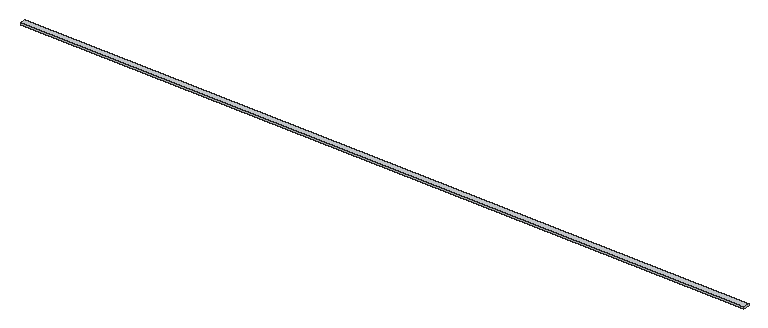
Revit family "Lighting-Strip-Acclaim-Flex Spectrum Interior", category Lighting Fixtures, host Face, Revit 2015
Parameters
  Width = 0.4"
  Wattage = 9.2903 W
  built-in parameter 1150110 = 1 (stored number, unit not read)
  Voltage = 0 V
  URL = "http://www.acclaimlighting.com/"
  built-in parameter 1114217 = 1 (stored number, unit not read)
  Tilt Angle = -90.00°
  built-in parameter 1150109 = 1 (stored number, unit not read)
  built-in parameter 1150134 = 3
  built-in parameter 1150113 = 1 (stored number, unit not read)
  Power Factor = 1
  Photometric Web File = "generic"
  Number of Poles = 1
  built-in parameter 1150142 = (empty or 0)
  Model = "Flex Spectrum Interior"
  Manufacturer = "Acclaim Lighting"
  built-in parameter 1150105 = 109.82 (stored number, unit not read)
  Lumens = 1380 lm
  built-in parameter 1150115 = 1 (stored number, unit not read)
  built-in parameter 1150137 = (empty or 0)
  built-in parameter 1150139 = (empty or 0)
  Length [instance] = 48.0"
  built-in parameter 1150112 = 1 (stored number, unit not read)
  built-in parameter 1150114 = 1 (stored number, unit not read)
  Lamp = "LED"
  built-in parameter 1150132 = (empty or 0)
  built-in parameter 1150102 = (empty or 0)
  built-in parameter 1150107 = 3200 (stored number, unit not read)
  built-in parameter 1150138 = (empty or 0)
  built-in parameter 1150106 = 1.0982 (stored number, unit not read)
  Housing Finish = Aluminum
  Height = 0.12"
  Emit from Line Length = 48.0"
  built-in parameter 1150104 = 13.8 (stored number, unit not read)
  Dimming Lamp Color Temperature Shift = <None>
  Description = "LED Strip"
  Default Elevation = 48.0"
  Color Filter = 16777215
  built-in parameter 1114218 = 1 (stored number, unit not read)
  built-in parameter 1150133 = 10 (stored number, unit not read)
  Apparent Load = 0 VA
Reference planes (in)
  plane 1 "Center (Front/Back)": y = 0
  plane 2: z = 0
  plane 3 "Center (Left/Right)": x = 0
  plane 4: x = -24
  plane 5: x = 24
  plane 6: y = 0.2
  plane 7: z = 6.9048
  plane 8: y = -0.2
  plane 9: z = 0.12
Forms (in)
  Extrusion 1, solid
    sketch origin (0, 0, 0) x (1, 0, 0) y (0, 1, 0)
      loop
        line (-24, 0.2) -> (-24, -0.2) -> (24, -0.2) -> (24, 0.2) -> (-24, 0.2)
    from 0 to 0.12
Dimensions and locks (in)
  equal spacing: plane 4, plane 3 "Center (Left/Right)", plane 5
  equal spacing: plane 5, plane 3 "Center (Left/Right)", plane 4
  plane 5 to plane 4 = 48.0"
  "Length": plane 4 to plane 5
  equal spacing: plane 8, plane 1 "Center (Front/Back)", plane 6
  "Width": plane 8 to plane 6
  Extrusion 1 to Extrusion 1 = 0.4"
  "Height": plane 9 to host face
  aligned and locked: plane 2 to host face
  aligned and locked: level to host face
  aligned and locked: Extrusion 1 sketch curve to plane 5
  aligned and locked: plane 4 to Extrusion 1 sketch curve
  aligned and locked: plane 6 to Extrusion 1 sketch curve
  aligned and locked: plane 8 to Extrusion 1 sketch curve
  aligned and locked: plane 1 "Center (Front/Back)" to imposter light
  aligned and locked: plane 9 to Extrusion 1
Automatic sketch dimensions
  host sketch curve to host sketch curve = 96.0"  (x2)
